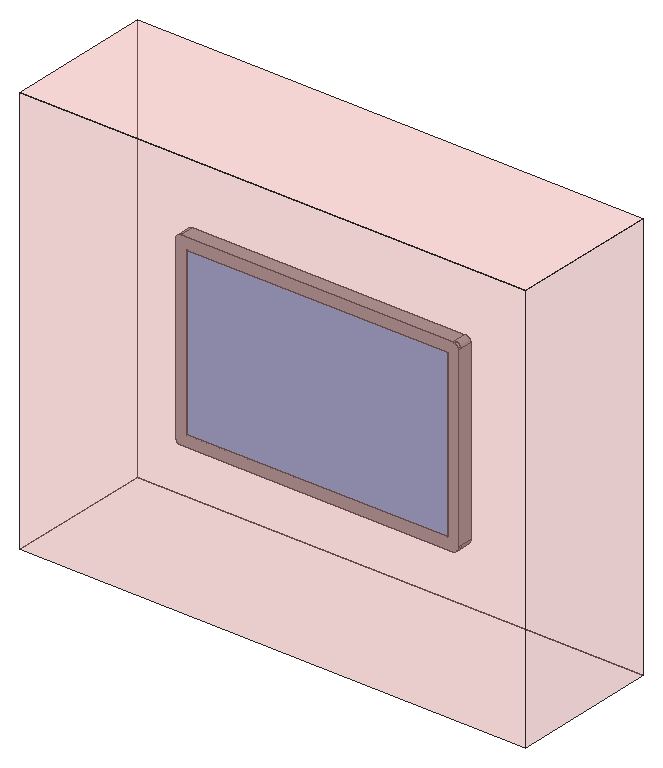
Revit family "Hitachi_CSNET-Manager-LT_", category Mechanical Equipment, Revit 2018
Family settings
  Round Connector Dimension = Use Diameter
  Classification = None
  Part Type = Normal
  OmniClass Number = 23.75.65.14.17
  OmniClass Title = Control and Monitoring Boards/Panels
  Work Plane-Based = Yes
  Always vertical = Yes
  Cut with Voids When Loaded = No
  Shared = No
  Room Calculation Point = No
Parameters (values of type "CSNET Manager 2T10")
  Uniformat code = "D306002"
  Uniformat = "Contrôle électronique "
  Type Comments = "Commande centralisée avec interface tactile de 12 pouces\nutilisant le logiciel CSNET Manager pour contrôler les unités\nintérieures."
  Reference description = "Commande centralisée avec interface tactile de 12 pouces\nutilisant le logiciel CSNET Manager pour contrôler les unités\nintérieures."
  Product Code = "7E512201"
  Overall Width = 255 mm
  Overall Height = 169 mm
  Overall Depth = 33 mm
  Operating Humidity Range = "0~90%"
  Omniclass = "HVAC Main Control Panels"
  Object type = "Panneau de contrôle"
  OMNICLASS Table 23 Code  = "23-27 15 23 11"
  Number of Phases = 1
  Nominal Frequency Range = "50-60"
  Nominal Current = 5 A
  Name ETIM = "Accessoires pour climatiseur"
  Name BIM&CO = "Panneau de contrôle"
  Name = "CSNET Manager LT"
  Model = "CSNET Manager LT"
  Minimum Voltage = 12 V
  Minimum Operating Temperature = 0 °C
  Maximum Voltage = 24 V
  Maximum Operating Temperature = 40 °C
  Masterformat Code = "23 09 33"
  MasterFormat = "Electric and Electronic Control System for HVAC"
  Mass = 1.20 kg
  Manufacturer Product Link = ""
  Manufacturer = "Hitachi Air Conditioning Europe SAS"
  GTIN (Global Trade Item Number)  = ""
  Electric Power = 60 W
  ETIM Code = "EC011603"
  Description = "Commande centralisée avec interface tactile de 12 pouces\r\nutilisant le logiciel CSNET Manager pour contrôler les unités\r\nintérieures."
  Default Elevation = 1219.2 mm
  Communication Type = "Wired"
  Color = "Noir"
  Clearance Zone [instance] = yes
  BC_VARIANT_ID = "230659"
  BC_OBJECT_VERSION = "#5"  # constant formula
  BC_OBJECT_ID = "37744"  # constant formula
  BC_MODEL_ID = "350076"  # constant formula
Reference planes
  plane 1 "Center (Front/Back)": y = 0
  plane 2: z = 0
  plane 3 "Center (Left/Right)": x = 0
  plane 4: x = -127.5
  plane 5: x = 127.5
  plane 6 "Bottom": y = 16.5
  plane 7 "Front": y = -16.5
  plane 8: z = 169
  plane 9 "Back": y = -3.15
  plane 10 "Mid": z = 84.3
  plane 11 "Display": y = -14.5
  plane 12 "Inputs": z = 29.3
  plane 13: y = 66.5
  plane 14: x = 227.5
  plane 15: y = -66.5
  plane 16: x = -227.5
  plane 17: z = 269
  plane 18: z = -100
Forms (mm)
  Extrusion 1, solid, material "Polyethylene, Low Density"
    sketch origin (0, 0, 0) x (1, 0, 0) y (0, 0, 1)
      loop
        arc (-122.5, 169) -> (-126.036, 167.536) -> (-127.5, 164) r 5
        line (-127.5, 164) -> (-127.5, 5)
        arc (-127.5, 5) -> (-126.036, 1.464) -> (-122.5, 0) r 5
        line (-122.5, 0) -> (122.5, 0)
        arc (122.5, 0) -> (126.036, 1.464) -> (127.5, 5) r 5
        line (127.5, 5) -> (127.5, 164)
        arc (127.5, 164) -> (126.036, 167.536) -> (122.5, 169) r 5
        line (122.5, 169) -> (-122.5, 169)
    from 3.15 to 14.5
  Extrusion 2, solid, material "Polyethylene, Low Density"
    sketch origin (0, 0, 84.3) x (-1, 0, 0) y (0, -1, 0)
      loop
        line (0, -16.5) -> (66.716, -16.5)
        arc (66.716, -16.5) -> (74.369, -14.978) -> (80.858, -10.642) r 20
        line (80.858, -10.642) -> (88.792, -2.708)
        arc (88.792, -2.708) -> (95.281, 1.628) -> (102.934, 3.15) r 20
        line (102.934, 3.15) -> (0, 3.15) -> (-102.934, 3.15)
        arc (-102.934, 3.15) -> (-95.281, 1.628) -> (-88.792, -2.708) r 20
        line (-88.792, -2.708) -> (-80.858, -10.642)
        arc (-80.858, -10.642) -> (-74.369, -14.978) -> (-66.716, -16.5) r 20
        line (-66.716, -16.5) -> (0, -16.5)
    from -55 to 55
  Extrusion 3, solid, material "Polyethylene, Low Density"
    sketch origin (0, -14.5, 0) x (-1, 0, 0) y (0, 0, 1)
      loop
        line (122.5, 169) -> (-122.5, 169)
        arc (-122.5, 169) -> (-126.036, 167.536) -> (-127.5, 164) r 5
        line (-127.5, 164) -> (-127.5, 5)
        arc (-127.5, 5) -> (-126.036, 1.464) -> (-122.5, 0) r 5
        line (-122.5, 0) -> (122.5, 0)
        arc (122.5, 0) -> (126.036, 1.464) -> (127.5, 5) r 5
        line (127.5, 5) -> (127.5, 164)
        arc (127.5, 164) -> (126.036, 167.536) -> (122.5, 169) r 5
      loop
        line (117.5, 159) -> (-117.5, 159) -> (-117.5, 10) -> (117.5, 10) -> (117.5, 159)
    from 0 to -2
  Extrusion 4, solid, material "Display"
    sketch origin (0, -14.5, 0) x (-1, 0, 0) y (0, 0, 1)
      loop
        line (117.5, 159) -> (-117.5, 159) -> (-117.5, 10) -> (117.5, 10) -> (117.5, 159)
    from 0 to -2
  Extrusion 5, solid, material "Polyethylene, Low Density"
    sketch origin (0, 0, 29.3) x (1, 0, 0) y (0, 1, 0)
      loop
        line (-66.716, 16.5) -> (-66.716, -3.15) -> (66.716, -3.15) -> (66.716, 16.5) -> (-66.716, 16.5)
      loop
        line (61.092, 9.19) -> (51.092, 9.19) -> (51.092, 1.58) -> (61.092, 1.58) -> (61.092, 9.19)
      loop
        line (42.488, 11.093) -> (25.576, 11.093) -> (25.576, 0) -> (42.488, 0) -> (42.488, 11.093)
      loop
        line (16.486, 9.19) -> (-2.329, 9.19) -> (-2.329, 1.58) -> (16.486, 1.58) -> (16.486, 9.19)
      loop
        line (-8.671, 9.19) -> (-26.429, 9.19) -> (-26.429, 1.58) -> (-8.671, 1.58) -> (-8.671, 9.19)
      loop
        line (-31.714, 9.19) -> (-47.569, 9.19) -> (-47.569, 1.58) -> (-31.714, 1.58) -> (-31.714, 9.19)
      loop
        circle (-57.569, 5.385) r 2.96
    from 0 to -2
  Extrusion 6, solid, material "Polyethylene, Low Density"
    sketch origin (0, -3.15, 0) x (-1, 0, 0) y (0, 0, 1)
      loop
        arc (-102.864, 21.087) -> (-112.447, 19.087) -> (-102.864, 17.087) r 5
        line (-102.864, 17.087) -> (-94.447, 17.087)
        arc (-94.447, 17.087) -> (-92.447, 19.087) -> (-94.447, 21.087) r 2
        line (-94.447, 21.087) -> (-102.864, 21.087)
    from 0 to 2
  Extrusion 7, solid, material "Default New Material", visible <- "Clearance Zone"
    sketch origin (0, 0, 0) x (1, 0, 0) y (0, 1, 0)
      loop
        line (-227.5, 66.5) -> (-227.5, -66.5) -> (227.5, -66.5) -> (227.5, 66.5) -> (-227.5, 66.5)
    from -100 to 269
Cuts and joins
  joined: Extrusion 1, Extrusion 2, Extrusion 3, Extrusion 5, Extrusion 6
Lines and regions (mm)
  symbolic lines, style "Clearance Zone"
    curve 1: line (-227.5, 66.5, 29.3) -> (227.5, 66.5, 29.3)
    curve 2: line (-227.5, -66.5, 29.3) -> (-227.5, 66.5, 29.3)
    curve 3: line (227.5, -66.5, 29.3) -> (-227.5, -66.5, 29.3)
    curve 4: line (227.5, 66.5, 29.3) -> (227.5, -66.5, 29.3)
    curve 5: line (-227.5, -14.5, 269) -> (227.5, -14.5, 269)
    curve 6: line (-227.5, -14.5, -100) -> (-227.5, -14.5, 269)
    curve 7: line (227.5, -14.5, -100) -> (-227.5, -14.5, -100)
    curve 8: line (227.5, -14.5, 269) -> (227.5, -14.5, -100)
    curve 9: line (0, 66.5, 269) -> (0, -66.5, 269)
    curve 10: line (0, 66.5, -100) -> (0, 66.5, 269)
    curve 11: line (0, -66.5, -100) -> (0, 66.5, -100)
    curve 12: line (0, -66.5, 269) -> (0, -66.5, -100)
Dimensions and locks
  equal spacing: plane 4, plane 3 "Center (Left/Right)", plane 5
  "Overall Width": plane 4 to plane 5
  equal spacing: plane 6 "Bottom", plane 1 "Center (Front/Back)", plane 7 "Front"
  "Overall Depth": plane 6 "Bottom" to plane 7 "Front"
  "Overall Height": plane 8 to plane 2
  locked: plane 9 "Back" to plane 7 "Front" at 13.35
  plane 13 to plane 6 "Bottom" = 50 mm
  plane 7 "Front" to plane 15 = 50 mm
  aligned and locked: level to plane 2
  aligned and locked: Extrusion 1 sketch curve to plane 8
  aligned and locked: plane 4 to Extrusion 1 sketch curve
  aligned and locked: plane 2 to Extrusion 1 sketch curve
  aligned and locked: Extrusion 1 sketch curve to plane 5
  aligned and locked: plane 9 "Back" to Extrusion 1
  aligned and locked: Extrusion 1 to plane 11 "Display"
  aligned and locked: plane 11 "Display" to Extrusion 3
  aligned and locked: Extrusion 3 to plane 7 "Front"
Automatic sketch dimensions
  plane 4 to Extrusion 1 sketch curve = 5 mm  (x2)
  Extrusion 1 sketch curve to plane 5 = 5 mm  (x2)
  Extrusion 2 sketch curve to plane 9 "Back" = 0 mm
  Extrusion 2 sketch curve to plane 6 "Bottom" = 0 mm
  Extrusion 2 sketch curve to plane 3 "Center (Left/Right)" = 0 mm  (x2)
  Extrusion 2 sketch curve to plane 9 "Back" = 0.35 mm
  Extrusion 2 sketch curve to plane 5 = 60.784 mm
  Extrusion 2 sketch curve to plane 6 "Bottom" = 5.858 mm  (x2)
  Extrusion 2 sketch curve to plane 1 "Center (Front/Back)" = 2.708 mm  (x2)
  Extrusion 2 sketch curve to Extrusion 2 sketch curve = 7.934 mm  (x2)
  plane 6 "Bottom" to Extrusion 2 sketch curve = 0.35 mm
  plane 4 to Extrusion 2 sketch curve = 60.784 mm
  Extrusion 2 sketch curve to Extrusion 2 sketch curve = 14.142 mm  (x2)
  Extrusion 3 sketch curve to plane 5 = 0 mm
  Extrusion 3 sketch curve to level = 0 mm
  Extrusion 3 sketch curve to plane 8 = 0 mm
  Extrusion 3 sketch curve to plane 4 = 0 mm
  Extrusion 3 sketch curve to plane 5 = 5 mm  (x2)
  Extrusion 3 sketch curve to plane 5 = 10 mm
  Extrusion 3 sketch curve to Extrusion 3 sketch curve = 10 mm
  Extrusion 3 sketch curve to Extrusion 3 sketch curve = 5 mm  (x4)
  Extrusion 4 sketch curve to plane 5 = 10 mm
  plane 4 to Extrusion 4 sketch curve = 10 mm
  level to Extrusion 4 sketch curve = 10 mm
  Extrusion 4 sketch curve to plane 8 = 10 mm
  Extrusion 5 sketch curve to plane 9 "Back" = 0 mm
  Extrusion 5 sketch curve to plane 6 "Bottom" = 0 mm
  plane 1 "Center (Front/Back)" to Extrusion 5 sketch curve = 0 mm
  plane 4 to Extrusion 5 sketch curve = 60.784 mm
  Extrusion 5 sketch curve to plane 6 "Bottom" = 7.31 mm  (x3)
  Extrusion 5 sketch curve to Extrusion 5 sketch curve = 19.146 mm
  Extrusion 5 sketch curve to Extrusion 5 sketch curve = 10 mm  (x2)
  Extrusion 5 sketch curve to plane 1 "Center (Front/Back)" = 1.58 mm  (x4)
  Extrusion 5 sketch curve to Extrusion 5 sketch curve = 15.855 mm
  Extrusion 5 sketch curve to Extrusion 5 sketch curve = 5.285 mm
  Extrusion 5 sketch curve to plane 3 "Center (Left/Right)" = 8.671 mm
  Extrusion 5 sketch curve to plane 3 "Center (Left/Right)" = 2.329 mm
  plane 3 "Center (Left/Right)" to Extrusion 5 sketch curve = 16.486 mm
  Extrusion 5 sketch curve to Extrusion 5 sketch curve = 9.09 mm
  Extrusion 5 sketch curve to plane 6 "Bottom" = 5.407 mm
  Extrusion 5 sketch curve to Extrusion 5 sketch curve = 16.912 mm
  Extrusion 5 sketch curve to Extrusion 5 sketch curve = 8.603 mm
  Extrusion 5 sketch curve to Extrusion 5 sketch curve = 5.624 mm
  Extrusion 5 sketch curve to Extrusion 5 sketch curve = 3.805 mm
  Extrusion 5 sketch curve to Extrusion 5 sketch curve = 0 mm
  Extrusion 6 sketch curve to plane 5 = 20.053 mm
  Extrusion 6 sketch curve to Extrusion 6 sketch curve = 4.583 mm
  Extrusion 6 sketch curve to Extrusion 6 sketch curve = 0 mm  (x2)
  Extrusion 6 sketch curve to Extrusion 6 sketch curve = 8.417 mm
  Extrusion 6 sketch curve to plane 12 "Inputs" = 12.213 mm
  Extrusion 6 sketch curve to Extrusion 6 sketch curve = 2 mm
  curve 3 to plane 15 = 0 mm
  curve 3 to plane 16 = 0 mm
  curve 3 to plane 14 = 0 mm
  curve 2 to plane 13 = 0 mm
  plane 14 to curve 5 = 0 mm
  curve 7 to plane 16 = 0 mm
  curve 7 to plane 18 = 0 mm
  curve 6 to plane 17 = 0 mm
  curve 9 to plane 15 = 0 mm
  curve 11 to plane 13 = 0 mm
  curve 11 to plane 18 = 0 mm
  curve 10 to plane 17 = 0 mm
  Extrusion 7 sketch curve to plane 15 = 0 mm
  Extrusion 7 sketch curve to plane 16 = 0 mm
  Extrusion 7 sketch curve to plane 14 = 0 mm
  Extrusion 7 sketch curve to plane 13 = 0 mm
  radius of Extrusion 5 sketch curve = 2.96 mm
Connectors
  electrical at (56.092, 5.385, 29.3)
    settings: on cut or joined group of Extrusion 1, Extrusion 2, Extrusion 3, Extrusion 5, Extrusion 6, index 2, voltage 0 V, apparent load 0 VA, apparent load phase1 0 VA, apparent load phase2 0 VA, apparent load phase3 0 VA, power factor 1, load classification "Other", number of poles 1, system type 31, power factor state 1, is connector primary yes, connector utility no, sub classification motor no, connector description "External power supply"
  electrical at (34.032, 5.546, 29.3)
    settings: on cut or joined group of Extrusion 1, Extrusion 2, Extrusion 3, Extrusion 5, Extrusion 6, index 3, voltage 0 V, apparent load 0 VA, apparent load phase1 0 VA, apparent load phase2 0 VA, apparent load phase3 0 VA, power factor 1, load classification "Other", number of poles 1, system type 14, power factor state 1, is connector primary no, connector utility no, sub classification motor no, connector description "RJ45 Ethernet for TCP/IP connection"
  electrical at (7.078, 5.385, 29.3)
    settings: on cut or joined group of Extrusion 1, Extrusion 2, Extrusion 3, Extrusion 5, Extrusion 6, index 4, voltage 0 V, apparent load 0 VA, apparent load phase1 0 VA, apparent load phase2 0 VA, apparent load phase3 0 VA, power factor 1, load classification "Other", number of poles 1, system type 14, power factor state 1, is connector primary no, connector utility no, sub classification motor no, connector description "USB 2.U slots"
  electrical at (-17.55, 5.385, 27.3)
    settings: on cut or joined group of Extrusion 1, Extrusion 2, Extrusion 3, Extrusion 5, Extrusion 6, index 5, voltage 0 V, apparent load 0 VA, apparent load phase1 0 VA, apparent load phase2 0 VA, apparent load phase3 0 VA, power factor 1, load classification "Other", number of poles 1, system type 14, power factor state 1, is connector primary no, connector utility no, sub classification motor no, connector description "USB 2.U slots"
  electrical at (-39.642, 5.385, 29.3)
    settings: on cut or joined group of Extrusion 1, Extrusion 2, Extrusion 3, Extrusion 5, Extrusion 6, index 6, voltage 0 V, apparent load 0 VA, apparent load phase1 0 VA, apparent load phase2 0 VA, apparent load phase3 0 VA, power factor 1, load classification "Other", number of poles 1, system type 14, power factor state 1, is connector primary no, connector utility no, sub classification motor no, connector description "HDMI output"
  electrical at (-57.569, 5.385, 29.3)
    settings: on cut or joined group of Extrusion 1, Extrusion 2, Extrusion 3, Extrusion 5, Extrusion 6, index 7, voltage 0 V, apparent load 0 VA, apparent load phase1 0 VA, apparent load phase2 0 VA, apparent load phase3 0 VA, power factor 1, load classification "Other", number of poles 1, system type 14, power factor state 1, is connector primary no, connector utility no, sub classification motor no, connector description "Auxiliary conector for music output"
